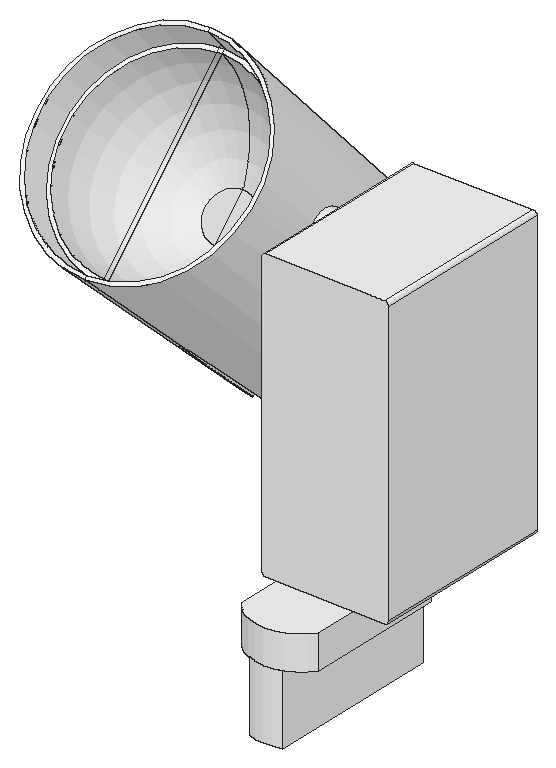
Revit family "0004926 Feilo Sylvania Lighting Fixture START TRACK SPOT S DALI 1928LM 930 WB WHT", category Lighting Fixtures, host Face, Revit 2017 (continued)
Definition of nested family "Start Track Spot Head"
  Types (96, lengths in mm): name | Wattage | built-in parameter 1150134 | Photometric Web File | Model | built-in parameter 1150105 | Lumens | built-in parameter 1150107 | built-in parameter 1150106 | HeadThickness_FEILO | HeadRibOffset_FEILO | HeadRibDepth_FEILO | HeadRibCutWidth_FEILO | HeadRibCutOffset_FEILO | HeadReflectorRadius_FEILO | HeadReflectorOffset_FEILO | HeadLEDRadius_FEILO | HeadHeight_FEILO | HeadDiffusorOffset_FEILO | HeadDiaOut_FEILO | HeadDiaIn_FEILO | HeadAxisFromTop_FEILO | Emit from Circle Diameter | built-in parameter 1150104 | Description | Apparent Load
    0004864 START TRACK SPOT S 24W 3K RA90 WB WHITE | 24 W | (empty or 0) | "0004864.ies" | "START TRACK SPOT S 24W 3K RA90 WB WHITE" | 152.79 (stored number, unit not read) | 1920 lm | 3000 (stored number, unit not read) | 1.5279 (stored number, unit not read) | 1.5 | 4.179 | 55.714 | 7.167 | 50.87 | 50.588 | 55.714 | 9.556 | 117 | 9.435 | 86 | 77.477 | 69.354 | 77.477 | 7.4322 (stored number, unit not read) | "Integrated LED spotlight, Textured White - RAL9016, compact and minimalist design, ideal for retail applications, die-cast aluminium body, passive cooling heatsink. Beam angle: 64°, color temperature: 3000K , total system power: 24W, total fixture output: 1928 lm, LOR: 100%, colour rendering: Ra: 90 typical, LED Chromaticity: 3 step MacAdam ellipse, lifetime: >50000 hours at L70B50, energy class: A++, A+, A, IR/UV free light source without heat radiation, operating voltage: 220-240V / 50-60Hz, drive current: 600mA, electronic driver, non-dimmable, power factor: 0.95, electrical protection: Class II, Global Track 3 Phase adapter suitable for Global trac 3-circuit tracks, ingress protection rating: IP20, suitable for internal environment only, horizontal rotation: 355°, vertical tilt: 90°, dimensions: Ø86x140x200, weight: 0.966kg." | 24 VA
    0004863 START TRACK SPOT S 24W 3K RA90 MB WHITE | 24 W | (empty or 0) | "0004863.ies" | "START TRACK SPOT S 24W 3K RA90 MB WHITE" | 154.7 (stored number, unit not read) | 1944 lm | 3000 (stored number, unit not read) | 1.547 (stored number, unit not read) | 1.5 | 4.179 | 55.714 | 7.167 | 50.87 | 50.588 | 55.714 | 9.556 | 117 | 9.435 | 86 | 77.477 | 69.354 | 77.477 | 7.5251 (stored number, unit not read) | "Integrated LED spotlight, Textured White - RAL9016, compact and minimalist design, ideal for retail applications, die-cast aluminium body, passive cooling heatsink. Beam angle: 36°, color temperature: 3000K , total system power: 24W, total fixture output: 1944 lm, LOR: 100%, colour rendering: Ra: 90 typical, LED Chromaticity: 3 step MacAdam ellipse, lifetime: >50000 hours at L70B50, energy class: A++, A+, A, IR/UV free light source without heat radiation, operating voltage: 220-240V / 50-60Hz, drive current: 600mA, electronic driver, non-dimmable, power factor: 0.95, electrical protection: Class II, Global Track 3 Phase adapter suitable for Global trac 3-circuit tracks, ingress protection rating: IP20, suitable for internal environment only, horizontal rotation: 355°, vertical tilt: 90°, dimensions: Ø86x140x200, weight: 0.966kg." | 24 VA
    0004862 START TRACK SPOT S 24W 3K RA90 NB WHITE | 24 W | (empty or 0) | "0004862.ies" | "START TRACK SPOT S 24W 3K RA90 NB WHITE" | 158.52 (stored number, unit not read) | 1992 lm | 3000 (stored number, unit not read) | 1.5852 (stored number, unit not read) | 1.5 | 4.179 | 55.714 | 7.167 | 50.87 | 50.588 | 55.714 | 9.556 | 117 | 9.435 | 86 | 77.477 | 69.354 | 77.477 | 7.711 (stored number, unit not read) | "Integrated LED spotlight, Textured White - RAL9016, compact and minimalist design, ideal for retail applications, die-cast aluminium body, passive cooling heatsink. Beam angle: 12°, color temperature: 3000K , total system power: 24W, total fixture output: 1987 lm, LOR: 100%, colour rendering: Ra: 90 typical, LED Chromaticity: 3 step MacAdam ellipse, lifetime: >50000 hours at L70B50, energy class: A++, A+, A, IR/UV free light source without heat radiation, operating voltage: 220-240V / 50-60Hz, drive current: 600mA, electronic driver, non-dimmable, power factor: 0.95, electrical protection: Class II, Global Track 3 Phase adapter suitable for Global trac 3-circuit tracks, ingress protection rating: IP20, suitable for internal environment only, horizontal rotation: 355°, vertical tilt: 90°, dimensions: Ø86x140x200, weight: 0.966kg." | 24 VA
    0004861 START TRACK SPOT S 14W 3K RA90 WB WHITE | 14 W | (empty or 0) | "0004861.ies" | "START TRACK SPOT S 14W 3K RA90 WB WHITE" | 100.27 (stored number, unit not read) | 1260 lm | 3000 (stored number, unit not read) | 1.0027 (stored number, unit not read) | 1.5 | 4.179 | 55.714 | 7.167 | 50.87 | 50.588 | 55.714 | 9.556 | 117 | 9.435 | 86 | 77.477 | 69.354 | 77.477 | 8.3613 (stored number, unit not read) | "Integrated LED spotlight, Textured White - RAL9016, compact and minimalist design, ideal for retail applications, die-cast aluminium body, passive cooling heatsink. Beam angle: 64°, color temperature: 3000K , total system power: 14W, total fixture output: 1262 lm, LOR: 100%, colour rendering: Ra: 90 typical, LED Chromaticity: 3 step MacAdam ellipse, lifetime: >50000 hours at L70B50, energy class: A++, A+, A, IR/UV free light source without heat radiation, operating voltage: 220-240V / 50-60Hz, drive current: 350mA, electronic driver, non-dimmable, power factor: 0.92, electrical protection: Class II, Global Track 3 Phase adapter suitable for Global trac 3-circuit tracks, ingress protection rating: IP20, suitable for internal environment only, horizontal rotation: 355°, vertical tilt: 90°, dimensions: Ø86x140x200, weight: 0.940kg." | 14 VA
    0004860 START TRACK SPOT S 14W 3K RA90 MB WHITE | 14 W | (empty or 0) | "0004860.ies" | "START TRACK SPOT S 14W 3K RA90 MB WHITE" | 100.27 (stored number, unit not read) | 1260 lm | 3000 (stored number, unit not read) | 1.0027 (stored number, unit not read) | 1.5 | 4.179 | 55.714 | 7.167 | 50.87 | 50.588 | 55.714 | 9.556 | 117 | 9.435 | 86 | 77.477 | 69.354 | 77.477 | 8.3613 (stored number, unit not read) | "Integrated LED spotlight, Textured White - RAL9016, compact and minimalist design, ideal for retail applications, die-cast aluminium body, passive cooling heatsink. Beam angle: 36°, color temperature: 3000K , total system power: 14W, total fixture output: 1262 lm, LOR: 100%, colour rendering: Ra: 90 typical, LED Chromaticity: 3 step MacAdam ellipse, lifetime: >50000 hours at L70B50, energy class: A++, A+, A, IR/UV free light source without heat radiation, operating voltage: 220-240V / 50-60Hz, drive current: 350mA, electronic driver, non-dimmable, power factor: 0.92, electrical protection: Class II, Global Track 3 Phase adapter suitable for Global trac 3-circuit tracks, ingress protection rating: IP20, suitable for internal environment only, horizontal rotation: 355°, vertical tilt: 90°, dimensions: Ø86x140x200, weight: 0.940kg." | 14 VA
    0004859 START TRACK SPOT S 14W 3K RA90 NB WHITE | 14 W | (empty or 0) | "0004859.ies" | "START TRACK SPOT S 14W 3K RA90 NB WHITE" | 102.5 (stored number, unit not read) | 1288 lm | 3000 (stored number, unit not read) | 1.025 (stored number, unit not read) | 1.5 | 4.179 | 55.714 | 7.167 | 50.87 | 50.588 | 55.714 | 9.556 | 117 | 9.435 | 86 | 77.477 | 69.354 | 77.477 | 8.5471 (stored number, unit not read) | "Integrated LED spotlight, Textured White - RAL9016, compact and minimalist design, ideal for retail applications, die-cast aluminium body, passive cooling heatsink. Beam angle: 12°, color temperature: 3000K , total system power: 14W, total fixture output: 1284 lm, LOR: 100%, colour rendering: Ra: 90 typical, LED Chromaticity: 3 step MacAdam ellipse, lifetime: >50000 hours at L70B50, energy class: A++, A+, A, IR/UV free light source without heat radiation, operating voltage: 220-240V / 50-60Hz, drive current: 350mA, electronic driver, non-dimmable, power factor: 0.92, electrical protection: Class II, Global Track 3 Phase adapter suitable for Global trac 3-circuit tracks, ingress protection rating: IP20, suitable for internal environment only, horizontal rotation: 355°, vertical tilt: 90°, dimensions: Ø86x140x200, weight: 0.940kg." | 14 VA
    0004858 START TRACK SPOT L 55W 4K RA80 WB BLACK | 55 W | 12 | "0004858.ies" | "START TRACK SPOT L 55W 4K RA80 WB BLACK" | 424.55 (stored number, unit not read) | 5335 lm | 4000 (stored number, unit not read) | 4.2455 (stored number, unit not read) | 2 | 4.429 | 59.048 | 9.417 | 53.913 | 66.471 | 59.048 | 12.556 | 124 | 10 | 113 | 101.802 | 73.503 | 101.802 | 9.0116 (stored number, unit not read) | "Integrated LED spotlight, Textured Black - RAL9005, compact and minimalist design, ideal for retail applications, die-cast aluminium body, passive cooling heatsink. Beam angle: 52°, color temperature: 4000K , total system power: 55W, total fixture output: 5320 lm, LOR: 100%, colour rendering: Ra: 80 typical, LED Chromaticity: 3 step MacAdam ellipse, lifetime: >50000 hours at L70B50, energy class: A++, A+, A, IR/UV free light source without heat radiation, operating voltage: 220-240V / 50-60Hz, drive current: 1400mA, electronic driver, non-dimmable, power factor: 0.96, electrical protection: Class II, Global Track 3 Phase adapter suitable for Global trac 3-circuit tracks, ingress protection rating: IP20, suitable for internal environment only, horizontal rotation: 355°, vertical tilt: 90°, dimensions: Ø113x164x240, weight: 1.398kg." | 55 VA
    0004857 START TRACK SPOT L 55W 4K RA80 MB BLACK | 55 W | 12 | "0004857.ies" | "START TRACK SPOT L 55W 4K RA80 MB BLACK" | 428.92 (stored number, unit not read) | 5390 lm | 4000 (stored number, unit not read) | 4.2892 (stored number, unit not read) | 2 | 4.429 | 59.048 | 9.417 | 53.913 | 66.471 | 59.048 | 12.556 | 124 | 10 | 113 | 101.802 | 73.503 | 101.802 | 9.1045 (stored number, unit not read) | "Integrated LED spotlight, Textured Black - RAL9005, compact and minimalist design, ideal for retail applications, die-cast aluminium body, passive cooling heatsink. Beam angle: 38°, color temperature: 4000K , total system power: 55W, total fixture output: 5378 lm, LOR: 100%, colour rendering: Ra: 80 typical, LED Chromaticity: 3 step MacAdam ellipse, lifetime: >50000 hours at L70B50, energy class: A++, A+, A, IR/UV free light source without heat radiation, operating voltage: 220-240V / 50-60Hz, drive current: 1400mA, electronic driver, non-dimmable, power factor: 0.96, electrical protection: Class II, Global Track 3 Phase adapter suitable for Global trac 3-circuit tracks, ingress protection rating: IP20, suitable for internal environment only, horizontal rotation: 355°, vertical tilt: 90°, dimensions: Ø113x164x240, weight: 1.398kg." | 55 VA
    0004856 START TRACK SPOT L 55W 4K RA80 NB BLACK | 55 W | 12 | "0004856.ies" | "START TRACK SPOT L 55W 4K RA80 NB BLACK" | 433.3 (stored number, unit not read) | 5445 lm | 4000 (stored number, unit not read) | 4.333 (stored number, unit not read) | 2 | 4.429 | 59.048 | 9.417 | 53.913 | 66.471 | 59.048 | 12.556 | 124 | 10 | 113 | 101.802 | 73.503 | 101.802 | 9.1974 (stored number, unit not read) | "Integrated LED spotlight, Textured Black - RAL9005, compact and minimalist design, ideal for retail applications, die-cast aluminium body, passive cooling heatsink. Beam angle: 15°, color temperature: 4000K , total system power: 55W, total fixture output: 5426 lm, LOR: 100%, colour rendering: Ra: 80 typical, LED Chromaticity: 3 step MacAdam ellipse, lifetime: >50000 hours at L70B50, energy class: A++, A+, A, IR/UV free light source without heat radiation, operating voltage: 220-240V / 50-60Hz, drive current: 1400mA, electronic driver, non-dimmable, power factor: 0.96, electrical protection: Class II, Global Track 3 Phase adapter suitable for Global trac 3-circuit tracks, ingress protection rating: IP20, suitable for internal environment only, horizontal rotation: 355°, vertical tilt: 90°, dimensions: Ø113x164x240, weight: 1.398kg." | 55 VA
    0004855 START TRACK SPOT L 35W 4K RA80 WB BLACK | 35 W | 12 | "0004855.ies" | "START TRACK SPOT L 35W 4K RA80 WB BLACK" | 320.3 (stored number, unit not read) | 4025 lm | 4000 (stored number, unit not read) | 3.203 (stored number, unit not read) | 2 | 4.429 | 59.048 | 9.417 | 53.913 | 66.471 | 59.048 | 12.556 | 124 | 10 | 113 | 101.802 | 73.503 | 101.802 | 10.684 (stored number, unit not read) | "Integrated LED spotlight, Textured Black - RAL9005, compact and minimalist design, ideal for retail applications, die-cast aluminium body, passive cooling heatsink. Beam angle: 52°, color temperature: 4000K , total system power: 35W, total fixture output: 4010 lm, LOR: 100%, colour rendering: Ra: 80 typical, LED Chromaticity: 3 step MacAdam ellipse, lifetime: >50000 hours at L70B50, energy class: A++, A+, A, IR/UV free light source without heat radiation, operating voltage: 220-240V / 50-60Hz, drive current: 900mA, electronic driver, non-dimmable, power factor: 0.93, electrical protection: Class II, Global Track 3 Phase adapter suitable for Global trac 3-circuit tracks, ingress protection rating: IP20, suitable for internal environment only, horizontal rotation: 355°, vertical tilt: 90°, dimensions: Ø113x164x240, weight: 1.368kg." | 35 VA
    0004854 START TRACK SPOT L 35W 4K RA80 MB BLACK | 35 W | 12 | "0004854.ies" | "START TRACK SPOT L 35W 4K RA80 MB BLACK" | 320.3 (stored number, unit not read) | 4025 lm | 4000 (stored number, unit not read) | 3.203 (stored number, unit not read) | 2 | 4.429 | 59.048 | 9.417 | 53.913 | 66.471 | 59.048 | 12.556 | 124 | 10 | 113 | 101.802 | 73.503 | 101.802 | 10.684 (stored number, unit not read) | "Integrated LED spotlight, Textured Black - RAL9005, compact and minimalist design, ideal for retail applications, die-cast aluminium body, passive cooling heatsink. Beam angle: 38°, color temperature: 4000K , total system power: 35W, total fixture output: 4017 lm, LOR: 100%, colour rendering: Ra: 80 typical, LED Chromaticity: 3 step MacAdam ellipse, lifetime: >50000 hours at L70B50, energy class: A++, A+, A, IR/UV free light source without heat radiation, operating voltage: 220-240V / 50-60Hz, drive current: 900mA, electronic driver, non-dimmable, power factor: 0.93, electrical protection: Class II, Global Track 3 Phase adapter suitable for Global trac 3-circuit tracks, ingress protection rating: IP20, suitable for internal environment only, horizontal rotation: 355°, vertical tilt: 90°, dimensions: Ø113x164x240, weight: 1.368kg." | 35 VA
    0004853 START TRACK SPOT L 35W 4K RA80 NB BLACK | 35 W | 12 | "0004853.ies" | "START TRACK SPOT L 35W 4K RA80 NB BLACK" | 331.44 (stored number, unit not read) | 4165 lm | 4000 (stored number, unit not read) | 3.3144 (stored number, unit not read) | 2 | 4.429 | 59.048 | 9.417 | 53.913 | 66.471 | 59.048 | 12.556 | 124 | 10 | 113 | 101.802 | 73.503 | 101.802 | 11.055 (stored number, unit not read) | "Integrated LED spotlight, Textured Black - RAL9005, compact and minimalist design, ideal for retail applications, die-cast aluminium body, passive cooling heatsink. Beam angle: 15°, color temperature: 4000K , total system power: 35W, total fixture output: 4174 lm, LOR: 100%, colour rendering: Ra: 80 typical, LED Chromaticity: 3 step MacAdam ellipse, lifetime: >50000 hours at L70B50, energy class: A++, A+, A, IR/UV free light source without heat radiation, operating voltage: 220-240V / 50-60Hz, drive current: 900mA, electronic driver, non-dimmable, power factor: 0.93, electrical protection: Class II, Global Track 3 Phase adapter suitable for Global trac 3-circuit tracks, ingress protection rating: IP20, suitable for internal environment only, horizontal rotation: 355°, vertical tilt: 90°, dimensions: Ø113x164x240, weight: 1.368kg." | 35 VA
    0004852 START TRACK SPOT S 24W 4K RA80 WB BLACK | 24 W | 12 | "0004852.ies" | "START TRACK SPOT S 24W 4K RA80 WB BLACK" | 196.72 (stored number, unit not read) | 2472 lm | 4000 (stored number, unit not read) | 1.9672 (stored number, unit not read) | 1.5 | 4.179 | 55.714 | 7.167 | 50.87 | 50.588 | 55.714 | 9.556 | 117 | 9.435 | 86 | 77.477 | 69.354 | 77.477 | 9.569 (stored number, unit not read) | "Integrated LED spotlight, Textured Black - RAL9005, compact and minimalist design, ideal for retail applications, die-cast aluminium body, passive cooling heatsink. Beam angle: 64°, color temperature: 4000K , total system power: 24W, total fixture output: 2476 lm, LOR: 100%, colour rendering: Ra: 80 typical, LED Chromaticity: 3 step MacAdam ellipse, lifetime: >50000 hours at L70B50, energy class: A++, A+, A, IR/UV free light source without heat radiation, operating voltage: 220-240V / 50-60Hz, drive current: 600mA, electronic driver, non-dimmable, power factor: 0.95, electrical protection: Class II, Global Track 3 Phase adapter suitable for Global trac 3-circuit tracks, ingress protection rating: IP20, suitable for internal environment only, horizontal rotation: 355°, vertical tilt: 90°, dimensions: Ø86x140x200, weight: 0.966kg." | 24 VA
    0004851 START TRACK SPOT S 24W 4K RA80 MB BLACK | 24 W | 12 | "0004851.ies" | "START TRACK SPOT S 24W 4K RA80 MB BLACK" | 198.63 (stored number, unit not read) | 2496 lm | 4000 (stored number, unit not read) | 1.9863 (stored number, unit not read) | 1.5 | 4.179 | 55.714 | 7.167 | 50.87 | 50.588 | 55.714 | 9.556 | 117 | 9.435 | 86 | 77.477 | 69.354 | 77.477 | 9.6619 (stored number, unit not read) | "Integrated LED spotlight, Textured Black - RAL9005, compact and minimalist design, ideal for retail applications, die-cast aluminium body, passive cooling heatsink. Beam angle: 36°, color temperature: 4000K , total system power: 24W, total fixture output: 2487 lm, LOR: 100%, colour rendering: Ra: 80 typical, LED Chromaticity: 3 step MacAdam ellipse, lifetime: >50000 hours at L70B50, energy class: A++, A+, A, IR/UV free light source without heat radiation, operating voltage: 220-240V / 50-60Hz, drive current: 600mA, electronic driver, non-dimmable, power factor: 0.95, electrical protection: Class II, Global Track 3 Phase adapter suitable for Global trac 3-circuit tracks, ingress protection rating: IP20, suitable for internal environment only, horizontal rotation: 355°, vertical tilt: 90°, dimensions: Ø86x140x200, weight: 0.966kg." | 24 VA
    0004850 START TRACK SPOT S 24W 4K RA80 NB BLACK | 24 W | 12 | "0004850.ies" | "START TRACK SPOT S 24W 4K RA80 NB BLACK" | 200.54 (stored number, unit not read) | 2520 lm | 4000 (stored number, unit not read) | 2.0054 (stored number, unit not read) | 1.5 | 4.179 | 55.714 | 7.167 | 50.87 | 50.588 | 55.714 | 9.556 | 117 | 9.435 | 86 | 77.477 | 69.354 | 77.477 | 9.7548 (stored number, unit not read) | "Integrated LED spotlight, Textured Black - RAL9005, compact and minimalist design, ideal for retail applications, die-cast aluminium body, passive cooling heatsink. Beam angle: 12°, color temperature: 4000K , total system power: 24W, total fixture output: 2529 lm, LOR: 100%, colour rendering: Ra: 80 typical, LED Chromaticity: 3 step MacAdam ellipse, lifetime: >50000 hours at L70B50, energy class: A++, A+, A, IR/UV free light source without heat radiation, operating voltage: 220-240V / 50-60Hz, drive current: 600mA, electronic driver, non-dimmable, power factor: 0.95, electrical protection: Class II, Global Track 3 Phase adapter suitable for Global trac 3-circuit tracks, ingress protection rating: IP20, suitable for internal environment only, horizontal rotation: 355°, vertical tilt: 90°, dimensions: Ø86x140x200, weight: 0.966kg." | 24 VA
    0004849 START TRACK SPOT S 14W 4K RA80 WB BLACK | 14 W | 12 | "0004849.ies" | "START TRACK SPOT S 14W 4K RA80 WB BLACK" | 123.66 (stored number, unit not read) | 1554 lm | 4000 (stored number, unit not read) | 1.2366 (stored number, unit not read) | 1.5 | 4.179 | 55.714 | 7.167 | 50.87 | 50.588 | 55.714 | 9.556 | 117 | 9.435 | 86 | 77.477 | 69.354 | 77.477 | 10.312 (stored number, unit not read) | "Integrated LED spotlight, Textured Black - RAL9005, compact and minimalist design, ideal for retail applications, die-cast aluminium body, passive cooling heatsink. Beam angle: 64°, color temperature: 4000K , total system power: 14W, total fixture output: 1558 lm, LOR: 100%, colour rendering: Ra: 80 typical, LED Chromaticity: 3 step MacAdam ellipse, lifetime: >50000 hours at L70B50, energy class: A++, A+, A, IR/UV free light source without heat radiation, operating voltage: 220-240V / 50-60Hz, drive current: 350mA, electronic driver, non-dimmable, power factor: 0.92, electrical protection: Class II, Global Track 3 Phase adapter suitable for Global trac 3-circuit tracks, ingress protection rating: IP20, suitable for internal environment only, horizontal rotation: 355°, vertical tilt: 90°, dimensions: Ø86x140x200, weight: 0.940kg." | 14 VA
    0004848 START TRACK SPOT S 14W 4K RA80 MB BLACK | 14 W | 12 | "0004848.ies" | "START TRACK SPOT S 14W 4K RA80 MB BLACK" | 127.01 (stored number, unit not read) | 1596 lm | 4000 (stored number, unit not read) | 1.2701 (stored number, unit not read) | 1.5 | 4.179 | 55.714 | 7.167 | 50.87 | 50.588 | 55.714 | 9.556 | 117 | 9.435 | 86 | 77.477 | 69.354 | 77.477 | 10.591 (stored number, unit not read) | "Integrated LED spotlight, Textured Black - RAL9005, compact and minimalist design, ideal for retail applications, die-cast aluminium body, passive cooling heatsink. Beam angle: 36°, color temperature: 4000K , total system power: 14W, total fixture output: 1598 lm, LOR: 100%, colour rendering: Ra: 80 typical, LED Chromaticity: 3 step MacAdam ellipse, lifetime: >50000 hours at L70B50, energy class: A++, A+, A, IR/UV free light source without heat radiation, operating voltage: 220-240V / 50-60Hz, drive current: 350mA, electronic driver, non-dimmable, power factor: 0.92, electrical protection: Class II, Global Track 3 Phase adapter suitable for Global trac 3-circuit tracks, ingress protection rating: IP20, suitable for internal environment only, horizontal rotation: 355°, vertical tilt: 90°, dimensions: Ø86x140x200, weight: 0.940kg." | 14 VA
    0004847 START TRACK SPOT S 14W 4K RA80 NB BLACK | 14 W | 12 | "0004847.ies" | "START TRACK SPOT S 14W 4K RA80 NB BLACK" | 128.12 (stored number, unit not read) | 1610 lm | 4000 (stored number, unit not read) | 1.2812 (stored number, unit not read) | 1.5 | 4.179 | 55.714 | 7.167 | 50.87 | 50.588 | 55.714 | 9.556 | 117 | 9.435 | 86 | 77.477 | 69.354 | 77.477 | 10.684 (stored number, unit not read) | "Integrated LED spotlight, Textured Black - RAL9005, compact and minimalist design, ideal for retail applications, die-cast aluminium body, passive cooling heatsink. Beam angle: 12°, color temperature: 4000K , total system power: 14W, total fixture output: 1608 lm, LOR: 100%, colour rendering: Ra: 80 typical, LED Chromaticity: 3 step MacAdam ellipse, lifetime: >50000 hours at L70B50, energy class: A++, A+, A, IR/UV free light source without heat radiation, operating voltage: 220-240V / 50-60Hz, drive current: 350mA, electronic driver, non-dimmable, power factor: 0.92, electrical protection: Class II, Global Track 3 Phase adapter suitable for Global trac 3-circuit tracks, ingress protection rating: IP20, suitable for internal environment only, horizontal rotation: 355°, vertical tilt: 90°, dimensions: Ø86x140x200, weight: 0.940kg." | 14 VA
    0004846 START TRACK SPOT L 55W 3K RA80 WB BLACK | 55 W | (empty or 0) | "0004846.ies" | "START TRACK SPOT L 55W 3K RA80 WB BLACK" | 420.17 (stored number, unit not read) | 5280 lm | 3000 (stored number, unit not read) | 4.2017 (stored number, unit not read) | 2 | 4.429 | 59.048 | 9.417 | 53.913 | 66.471 | 59.048 | 12.556 | 124 | 10 | 113 | 101.802 | 73.503 | 101.802 | 8.9187 (stored number, unit not read) | "Integrated LED spotlight, Textured Black - RAL9005, compact and minimalist design, ideal for retail applications, die-cast aluminium body, passive cooling heatsink. Beam angle: 52°, color temperature: 3000K , total system power: 55W, total fixture output: 5298 lm, LOR: 100%, colour rendering: Ra: 80 typical, LED Chromaticity: 3 step MacAdam ellipse, lifetime: >50000 hours at L70B50, energy class: A++, A+, A, IR/UV free light source without heat radiation, operating voltage: 220-240V / 50-60Hz, drive current: 1400mA, electronic driver, non-dimmable, power factor: 0.96, electrical protection: Class II, Global Track 3 Phase adapter suitable for Global trac 3-circuit tracks, ingress protection rating: IP20, suitable for internal environment only, horizontal rotation: 355°, vertical tilt: 90°, dimensions: Ø113x164x240, weight: 1.398kg." | 55 VA
    0004845 START TRACK SPOT L 55W 3K RA80 MB BLACK | 55 W | (empty or 0) | "0004845.ies" | "START TRACK SPOT L 55W 3K RA80 MB BLACK" | 428.92 (stored number, unit not read) | 5390 lm | 3000 (stored number, unit not read) | 4.2892 (stored number, unit not read) | 2 | 4.429 | 59.048 | 9.417 | 53.913 | 66.471 | 59.048 | 12.556 | 124 | 10 | 113 | 101.802 | 73.503 | 101.802 | 9.1045 (stored number, unit not read) | "Integrated LED spotlight, Textured Black - RAL9005, compact and minimalist design, ideal for retail applications, die-cast aluminium body, passive cooling heatsink. Beam angle: 38°, color temperature: 3000K , total system power: 55W, total fixture output: 5381 lm, LOR: 100%, colour rendering: Ra: 80 typical, LED Chromaticity: 3 step MacAdam ellipse, lifetime: >50000 hours at L70B50, energy class: A++, A+, A, IR/UV free light source without heat radiation, operating voltage: 220-240V / 50-60Hz, drive current: 1400mA, electronic driver, non-dimmable, power factor: 0.96, electrical protection: Class II, Global Track 3 Phase adapter suitable for Global trac 3-circuit tracks, ingress protection rating: IP20, suitable for internal environment only, horizontal rotation: 355°, vertical tilt: 90°, dimensions: Ø113x164x240, weight: 1.398kg." | 55 VA
    0004844 START TRACK SPOT L 55W 3K RA80 NB BLACK | 55 W | (empty or 0) | "0004844.ies" | "START TRACK SPOT L 55W 3K RA80 NB BLACK" | 433.3 (stored number, unit not read) | 5445 lm | 3000 (stored number, unit not read) | 4.333 (stored number, unit not read) | 2 | 4.429 | 59.048 | 9.417 | 53.913 | 66.471 | 59.048 | 12.556 | 124 | 10 | 113 | 101.802 | 73.503 | 101.802 | 9.1974 (stored number, unit not read) | "Integrated LED spotlight, Textured Black - RAL9005, compact and minimalist design, ideal for retail applications, die-cast aluminium body, passive cooling heatsink. Beam angle: 15°, color temperature: 3000K , total system power: 55W, total fixture output: 5449 lm, LOR: 100%, colour rendering: Ra: 80 typical, LED Chromaticity: 3 step MacAdam ellipse, lifetime: >50000 hours at L70B50, energy class: A++, A+, A, IR/UV free light source without heat radiation, operating voltage: 220-240V / 50-60Hz, drive current: 1400mA, electronic driver, non-dimmable, power factor: 0.96, electrical protection: Class II, Global Track 3 Phase adapter suitable for Global trac 3-circuit tracks, ingress protection rating: IP20, suitable for internal environment only, horizontal rotation: 355°, vertical tilt: 90°, dimensions: Ø113x164x240, weight: 1.398kg." | 55 VA
    0004843 START TRACK SPOT L 35W 3K RA80 WB BLACK | 35 W | (empty or 0) | "0004843.ies" | "START TRACK SPOT L 35W 3K RA80 WB BLACK" | 314.73 (stored number, unit not read) | 3955 lm | 3000 (stored number, unit not read) | 3.1473 (stored number, unit not read) | 2 | 4.429 | 59.048 | 9.417 | 53.913 | 66.471 | 59.048 | 12.556 | 124 | 10 | 113 | 101.802 | 73.503 | 101.802 | 10.498 (stored number, unit not read) | "Integrated LED spotlight, Textured Black - RAL9005, compact and minimalist design, ideal for retail applications, die-cast aluminium body, passive cooling heatsink. Beam angle: 52°, color temperature: 3000K , total system power: 35W, total fixture output: 3943 lm, LOR: 100%, colour rendering: Ra: 80 typical, LED Chromaticity: 3 step MacAdam ellipse, lifetime: >50000 hours at L70B50, energy class: A++, A+, A, IR/UV free light source without heat radiation, operating voltage: 220-240V / 50-60Hz, drive current: 900mA, electronic driver, non-dimmable, power factor: 0.93, electrical protection: Class II, Global Track 3 Phase adapter suitable for Global trac 3-circuit tracks, ingress protection rating: IP20, suitable for internal environment only, horizontal rotation: 355°, vertical tilt: 90°, dimensions: Ø113x164x240, weight: 1.368kg." | 35 VA
    0004842 START TRACK SPOT L 35W 3K RA80 MB BLACK | 35 W | (empty or 0) | "0004842.ies" | "START TRACK SPOT L 35W 3K RA80 MB BLACK" | 320.3 (stored number, unit not read) | 4025 lm | 3000 (stored number, unit not read) | 3.203 (stored number, unit not read) | 2 | 4.429 | 59.048 | 9.417 | 53.913 | 66.471 | 59.048 | 12.556 | 124 | 10 | 113 | 101.802 | 73.503 | 101.802 | 10.684 (stored number, unit not read) | "Integrated LED spotlight, Textured Black - RAL9005, compact and minimalist design, ideal for retail applications, die-cast aluminium body, passive cooling heatsink. Beam angle: 38°, color temperature: 3000K , total system power: 35W, total fixture output: 4008 lm, LOR: 100%, colour rendering: Ra: 80 typical, LED Chromaticity: 3 step MacAdam ellipse, lifetime: >50000 hours at L70B50, energy class: A++, A+, A, IR/UV free light source without heat radiation, operating voltage: 220-240V / 50-60Hz, drive current: 900mA, electronic driver, non-dimmable, power factor: 0.93, electrical protection: Class II, Global Track 3 Phase adapter suitable for Global trac 3-circuit tracks, ingress protection rating: IP20, suitable for internal environment only, horizontal rotation: 355°, vertical tilt: 90°, dimensions: Ø113x164x240, weight: 1.368kg." | 35 VA
    0004841 START TRACK SPOT L 35W 3K RA80 NB BLACK | 35 W | (empty or 0) | "0004841.ies" | "START TRACK SPOT L 35W 3K RA80 NB BLACK" | 317.51 (stored number, unit not read) | 3990 lm | 3000 (stored number, unit not read) | 3.1751 (stored number, unit not read) | 2 | 4.429 | 59.048 | 9.417 | 53.913 | 66.471 | 59.048 | 12.556 | 124 | 10 | 113 | 101.802 | 73.503 | 101.802 | 10.591 (stored number, unit not read) | "Integrated LED spotlight, Textured Black - RAL9005, compact and minimalist design, ideal for retail applications, die-cast aluminium body, passive cooling heatsink. Beam angle: 15°, color temperature: 3000K , total system power: 35W, total fixture output: 4005 lm, LOR: 100%, colour rendering: Ra: 80 typical, LED Chromaticity: 3 step MacAdam ellipse, lifetime: >50000 hours at L70B50, energy class: A++, A+, A, IR/UV free light source without heat radiation, operating voltage: 220-240V / 50-60Hz, drive current: 900mA, electronic driver, non-dimmable, power factor: 0.93, electrical protection: Class II, Global Track 3 Phase adapter suitable for Global trac 3-circuit tracks, ingress protection rating: IP20, suitable for internal environment only, horizontal rotation: 355°, vertical tilt: 90°, dimensions: Ø113x164x240, weight: 1.368kg." | 35 VA
    0004840 START TRACK SPOT S 24W 3K RA80 WB BLACK | 24 W | (empty or 0) | "0004840.ies" | "START TRACK SPOT S 24W 3K RA80 WB BLACK" | 185.26 (stored number, unit not read) | 2328 lm | 3000 (stored number, unit not read) | 1.8526 (stored number, unit not read) | 1.5 | 4.179 | 55.714 | 7.167 | 50.87 | 50.588 | 55.714 | 9.556 | 117 | 9.435 | 86 | 77.477 | 69.354 | 77.477 | 9.0116 (stored number, unit not read) | "Integrated LED spotlight, Textured Black - RAL9005, compact and minimalist design, ideal for retail applications, die-cast aluminium body, passive cooling heatsink. Beam angle: 64°, color temperature: 3000K , total system power: 24W, total fixture output: 2318 lm, LOR: 100%, colour rendering: Ra: 80 typical, LED Chromaticity: 3 step MacAdam ellipse, lifetime: >50000 hours at L70B50, energy class: A++, A+, A, IR/UV free light source without heat radiation, operating voltage: 220-240V / 50-60Hz, drive current: 600mA, electronic driver, non-dimmable, power factor: 0.95, electrical protection: Class II, Global Track 3 Phase adapter suitable for Global trac 3-circuit tracks, ingress protection rating: IP20, suitable for internal environment only, horizontal rotation: 355°, vertical tilt: 90°, dimensions: Ø86x140x200, weight: 0.966kg." | 24 VA
    0004839 START TRACK SPOT S 24W 3K RA80 MB BLACK | 24 W | (empty or 0) | "0004839.ies" | "START TRACK SPOT S 24W 3K RA80 MB BLACK" | 183.35 (stored number, unit not read) | 2304 lm | 3000 (stored number, unit not read) | 1.8335 (stored number, unit not read) | 1.5 | 4.179 | 55.714 | 7.167 | 50.87 | 50.588 | 55.714 | 9.556 | 117 | 9.435 | 86 | 77.477 | 69.354 | 77.477 | 8.9187 (stored number, unit not read) | "Integrated LED spotlight, Textured Black - RAL9005, compact and minimalist design, ideal for retail applications, die-cast aluminium body, passive cooling heatsink. Beam angle: 36°, color temperature: 3000K , total system power: 24W, total fixture output: 2314 lm, LOR: 100%, colour rendering: Ra: 80 typical, LED Chromaticity: 3 step MacAdam ellipse, lifetime: >50000 hours at L70B50, energy class: A++, A+, A, IR/UV free light source without heat radiation, operating voltage: 220-240V / 50-60Hz, drive current: 600mA, electronic driver, non-dimmable, power factor: 0.95, electrical protection: Class II, Global Track 3 Phase adapter suitable for Global trac 3-circuit tracks, ingress protection rating: IP20, suitable for internal environment only, horizontal rotation: 355°, vertical tilt: 90°, dimensions: Ø86x140x200, weight: 0.966kg." | 24 VA
    0004838 START TRACK SPOT S 24W 3K RA80 NB BLACK | 24 W | (empty or 0) | "0004838.ies" | "START TRACK SPOT S 24W 3K RA80 NB BLACK" | 185.26 (stored number, unit not read) | 2328 lm | 3000 (stored number, unit not read) | 1.8526 (stored number, unit not read) | 1.5 | 4.179 | 55.714 | 7.167 | 50.87 | 50.588 | 55.714 | 9.556 | 117 | 9.435 | 86 | 77.477 | 69.354 | 77.477 | 9.0116 (stored number, unit not read) | "Integrated LED spotlight, Textured Black - RAL9005, compact and minimalist design, ideal for retail applications, die-cast aluminium body, passive cooling heatsink. Beam angle: 12°, color temperature: 3000K , total system power: 24W, total fixture output: 2334 lm, LOR: 100%, colour rendering: Ra: 80 typical, LED Chromaticity: 3 step MacAdam ellipse, lifetime: >50000 hours at L70B50, energy class: A++, A+, A, IR/UV free light source without heat radiation, operating voltage: 220-240V / 50-60Hz, drive current: 600mA, electronic driver, non-dimmable, power factor: 0.95, electrical protection: Class II, Global Track 3 Phase adapter suitable for Global trac 3-circuit tracks, ingress protection rating: IP20, suitable for internal environment only, horizontal rotation: 355°, vertical tilt: 90°, dimensions: Ø86x140x200, weight: 0.966kg." | 24 VA
    0004837 START TRACK SPOT S 14W 3K RA80 WB BLACK | 14 W | (empty or 0) | "0004837.ies" | "START TRACK SPOT S 14W 3K RA80 WB BLACK" | 119.21 (stored number, unit not read) | 1498 lm | 3000 (stored number, unit not read) | 1.1921 (stored number, unit not read) | 1.5 | 4.179 | 55.714 | 7.167 | 50.87 | 50.588 | 55.714 | 9.556 | 117 | 9.435 | 86 | 77.477 | 69.354 | 77.477 | 9.9406 (stored number, unit not read) | "Integrated LED spotlight, Textured Black - RAL9005, compact and minimalist design, ideal for retail applications, die-cast aluminium body, passive cooling heatsink. Beam angle: 64°, color temperature: 3000K , total system power: 14W, total fixture output: 1498 lm, LOR: 100%, colour rendering: Ra: 80 typical, LED Chromaticity: 3 step MacAdam ellipse, lifetime: >50000 hours at L70B50, energy class: A++, A+, A, IR/UV free light source without heat radiation, operating voltage: 220-240V / 50-60Hz, drive current: 350mA, electronic driver, non-dimmable, power factor: 0.92, electrical protection: Class II, Global Track 3 Phase adapter suitable for Global trac 3-circuit tracks, ingress protection rating: IP20, suitable for internal environment only, horizontal rotation: 355°, vertical tilt: 90°, dimensions: Ø86x140x200, weight: 0.940kg." | 14 VA
    0004836 START TRACK SPOT S 14W 3K RA80 MB BLACK | 14 W | (empty or 0) | "0004836.ies" | "START TRACK SPOT S 14W 3K RA80 MB BLACK" | 120.32 (stored number, unit not read) | 1512 lm | 3000 (stored number, unit not read) | 1.2032 (stored number, unit not read) | 1.5 | 4.179 | 55.714 | 7.167 | 50.87 | 50.588 | 55.714 | 9.556 | 117 | 9.435 | 86 | 77.477 | 69.354 | 77.477 | 10.034 (stored number, unit not read) | "Integrated LED spotlight, Textured Black - RAL9005, compact and minimalist design, ideal for retail applications, die-cast aluminium body, passive cooling heatsink. Beam angle: 36°, color temperature: 3000K , total system power: 14W, total fixture output: 1508 lm, LOR: 100%, colour rendering: Ra: 80 typical, LED Chromaticity: 3 step MacAdam ellipse, lifetime: >50000 hours at L70B50, energy class: A++, A+, A, IR/UV free light source without heat radiation, operating voltage: 220-240V / 50-60Hz, drive current: 350mA, electronic driver, non-dimmable, power factor: 0.92, electrical protection: Class II, Global Track 3 Phase adapter suitable for Global trac 3-circuit tracks, ingress protection rating: IP20, suitable for internal environment only, horizontal rotation: 355°, vertical tilt: 90°, dimensions: Ø86x140x200, weight: 0.940kg." | 14 VA
    0004835 START TRACK SPOT S 14W 3K RA80 NB BLACK | 14 W | (empty or 0) | "0004835.ies" | "START TRACK SPOT S 14W 3K RA80 NB BLACK" | 123.66 (stored number, unit not read) | 1554 lm | 3000 (stored number, unit not read) | 1.2366 (stored number, unit not read) | 1.5 | 4.179 | 55.714 | 7.167 | 50.87 | 50.588 | 55.714 | 9.556 | 117 | 9.435 | 86 | 77.477 | 69.354 | 77.477 | 10.312 (stored number, unit not read) | "Integrated LED spotlight, Textured Black - RAL9005, compact and minimalist design, ideal for retail applications, die-cast aluminium body, passive cooling heatsink. Beam angle: 12°, color temperature: 3000K , total system power: 14W, total fixture output: 1551 lm, LOR: 100%, colour rendering: Ra: 80 typical, LED Chromaticity: 3 step MacAdam ellipse, lifetime: >50000 hours at L70B50, energy class: A++, A+, A, IR/UV free light source without heat radiation, operating voltage: 220-240V / 50-60Hz, drive current: 350mA, electronic driver, non-dimmable, power factor: 0.92, electrical protection: Class II, Global Track 3 Phase adapter suitable for Global trac 3-circuit tracks, ingress protection rating: IP20, suitable for internal environment only, horizontal rotation: 355°, vertical tilt: 90°, dimensions: Ø86x140x200, weight: 0.940kg." | 14 VA
    0004834 START TRACK SPOT L 55W 4K RA80 WB WHITE | 55 W | 12 | "0004834.ies" | "START TRACK SPOT L 55W 4K RA80 WB WHITE" | 424.55 (stored number, unit not read) | 5335 lm | 4000 (stored number, unit not read) | 4.2455 (stored number, unit not read) | 2 | 4.429 | 59.048 | 9.417 | 53.913 | 66.471 | 59.048 | 12.556 | 124 | 10 | 113 | 101.802 | 73.503 | 101.802 | 9.0116 (stored number, unit not read) | "Integrated LED spotlight, Textured White - RAL9016, compact and minimalist design, ideal for retail applications, die-cast aluminium body, passive cooling heatsink. Beam angle: 52°, color temperature: 4000K , total system power: 55W, total fixture output: 5320 lm, LOR: 100%, colour rendering: Ra: 80 typical, LED Chromaticity: 3 step MacAdam ellipse, lifetime: >50000 hours at L70B50, energy class: A++, A+, A, IR/UV free light source without heat radiation, operating voltage: 220-240V / 50-60Hz, drive current: 1400mA, electronic driver, non-dimmable, power factor: 0.96, electrical protection: Class II, Global Track 3 Phase adapter suitable for Global trac 3-circuit tracks, ingress protection rating: IP20, suitable for internal environment only, horizontal rotation: 355°, vertical tilt: 90°, dimensions: Ø113x164x240, weight: 1.398kg." | 55 VA
    0004833 START TRACK SPOT L 55W 4K RA80 MB WHITE | 55 W | 12 | "0004833.ies" | "START TRACK SPOT L 55W 4K RA80 MB WHITE" | 428.92 (stored number, unit not read) | 5390 lm | 4000 (stored number, unit not read) | 4.2892 (stored number, unit not read) | 2 | 4.429 | 59.048 | 9.417 | 53.913 | 66.471 | 59.048 | 12.556 | 124 | 10 | 113 | 101.802 | 73.503 | 101.802 | 9.1045 (stored number, unit not read) | "Integrated LED spotlight, Textured White - RAL9016, compact and minimalist design, ideal for retail applications, die-cast aluminium body, passive cooling heatsink. Beam angle: 38°, color temperature: 4000K , total system power: 55W, total fixture output: 5378 lm, LOR: 100%, colour rendering: Ra: 80 typical, LED Chromaticity: 3 step MacAdam ellipse, lifetime: >50000 hours at L70B50, energy class: A++, A+, A, IR/UV free light source without heat radiation, operating voltage: 220-240V / 50-60Hz, drive current: 1400mA, electronic driver, non-dimmable, power factor: 0.96, electrical protection: Class II, Global Track 3 Phase adapter suitable for Global trac 3-circuit tracks, ingress protection rating: IP20, suitable for internal environment only, horizontal rotation: 355°, vertical tilt: 90°, dimensions: Ø113x164x240, weight: 1.398kg." | 55 VA
    0004832 START TRACK SPOT L 55W 4K RA80 NB WHITE | 55 W | 12 | "0004832.ies" | "START TRACK SPOT L 55W 4K RA80 NB WHITE" | 433.3 (stored number, unit not read) | 5445 lm | 4000 (stored number, unit not read) | 4.333 (stored number, unit not read) | 2 | 4.429 | 59.048 | 9.417 | 53.913 | 66.471 | 59.048 | 12.556 | 124 | 10 | 113 | 101.802 | 73.503 | 101.802 | 9.1974 (stored number, unit not read) | "Integrated LED spotlight, Textured White - RAL9016, compact and minimalist design, ideal for retail applications, die-cast aluminium body, passive cooling heatsink. Beam angle: 15°, color temperature: 4000K , total system power: 55W, total fixture output: 5426 lm, LOR: 100%, colour rendering: Ra: 80 typical, LED Chromaticity: 3 step MacAdam ellipse, lifetime: >50000 hours at L70B50, energy class: A++, A+, A, IR/UV free light source without heat radiation, operating voltage: 220-240V / 50-60Hz, drive current: 1400mA, electronic driver, non-dimmable, power factor: 0.96, electrical protection: Class II, Global Track 3 Phase adapter suitable for Global trac 3-circuit tracks, ingress protection rating: IP20, suitable for internal environment only, horizontal rotation: 355°, vertical tilt: 90°, dimensions: Ø113x164x240, weight: 1.398kg." | 55 VA
    0004831 START TRACK SPOT L 35W 4K RA80 WB WHITE | 35 W | 12 | "0004831.ies" | "START TRACK SPOT L 35W 4K RA80 WB WHITE" | 320.3 (stored number, unit not read) | 4025 lm | 4000 (stored number, unit not read) | 3.203 (stored number, unit not read) | 2 | 4.429 | 59.048 | 9.417 | 53.913 | 66.471 | 59.048 | 12.556 | 124 | 10 | 113 | 101.802 | 73.503 | 101.802 | 10.684 (stored number, unit not read) | "Integrated LED spotlight, Textured White - RAL9016, compact and minimalist design, ideal for retail applications, die-cast aluminium body, passive cooling heatsink. Beam angle: 52°, color temperature: 4000K , total system power: 35W, total fixture output: 4010 lm, LOR: 100%, colour rendering: Ra: 80 typical, LED Chromaticity: 3 step MacAdam ellipse, lifetime: >50000 hours at L70B50, energy class: A++, A+, A, IR/UV free light source without heat radiation, operating voltage: 220-240V / 50-60Hz, drive current: 900mA, electronic driver, non-dimmable, power factor: 0.93, electrical protection: Class II, Global Track 3 Phase adapter suitable for Global trac 3-circuit tracks, ingress protection rating: IP20, suitable for internal environment only, horizontal rotation: 355°, vertical tilt: 90°, dimensions: Ø113x164x240, weight: 1.368kg." | 35 VA
    0004830 START TRACK SPOT L 35W 4K RA80 MB WHITE | 35 W | 12 | "0004830.ies" | "START TRACK SPOT L 35W 4K RA80 MB WHITE" | 320.3 (stored number, unit not read) | 4025 lm | 4000 (stored number, unit not read) | 3.203 (stored number, unit not read) | 2 | 4.429 | 59.048 | 9.417 | 53.913 | 66.471 | 59.048 | 12.556 | 124 | 10 | 113 | 101.802 | 73.503 | 101.802 | 10.684 (stored number, unit not read) | "Integrated LED spotlight, Textured White - RAL9016, compact and minimalist design, ideal for retail applications, die-cast aluminium body, passive cooling heatsink. Beam angle: 38°, color temperature: 4000K , total system power: 35W, total fixture output: 4017 lm, LOR: 100%, colour rendering: Ra: 80 typical, LED Chromaticity: 3 step MacAdam ellipse, lifetime: >50000 hours at L70B50, energy class: A++, A+, A, IR/UV free light source without heat radiation, operating voltage: 220-240V / 50-60Hz, drive current: 900mA, electronic driver, non-dimmable, power factor: 0.93, electrical protection: Class II, Global Track 3 Phase adapter suitable for Global trac 3-circuit tracks, ingress protection rating: IP20, suitable for internal environment only, horizontal rotation: 355°, vertical tilt: 90°, dimensions: Ø113x164x240, weight: 1.368kg." | 35 VA
    0004829 START TRACK SPOT L 35W 4K RA80 NB WHITE | 35 W | 12 | "0004829.ies" | "START TRACK SPOT L 35W 4K RA80 NB WHITE" | 331.44 (stored number, unit not read) | 4165 lm | 4000 (stored number, unit not read) | 3.3144 (stored number, unit not read) | 2 | 4.429 | 59.048 | 9.417 | 53.913 | 66.471 | 59.048 | 12.556 | 124 | 10 | 113 | 101.802 | 73.503 | 101.802 | 11.055 (stored number, unit not read) | "Integrated LED spotlight, Textured White - RAL9016, compact and minimalist design, ideal for retail applications, die-cast aluminium body, passive cooling heatsink. Beam angle: 15°, color temperature: 4000K , total system power: 35W, total fixture output: 4174 lm, LOR: 100%, colour rendering: Ra: 80 typical, LED Chromaticity: 3 step MacAdam ellipse, lifetime: >50000 hours at L70B50, energy class: A++, A+, A, IR/UV free light source without heat radiation, operating voltage: 220-240V / 50-60Hz, drive current: 900mA, electronic driver, non-dimmable, power factor: 0.93, electrical protection: Class II, Global Track 3 Phase adapter suitable for Global trac 3-circuit tracks, ingress protection rating: IP20, suitable for internal environment only, horizontal rotation: 355°, vertical tilt: 90°, dimensions: Ø113x164x240, weight: 1.368kg." | 35 VA
    0004828 START TRACK SPOT S 24W 4K RA80 WB WHITE | 24 W | 12 | "0004828.ies" | "START TRACK SPOT S 24W 4K RA80 WB WHITE" | 196.72 (stored number, unit not read) | 2472 lm | 4000 (stored number, unit not read) | 1.9672 (stored number, unit not read) | 1.5 | 4.179 | 55.714 | 7.167 | 50.87 | 50.588 | 55.714 | 9.556 | 117 | 9.435 | 86 | 77.477 | 69.354 | 77.477 | 9.569 (stored number, unit not read) | "Integrated LED spotlight, Textured White - RAL9016, compact and minimalist design, ideal for retail applications, die-cast aluminium body, passive cooling heatsink. Beam angle: 64°, color temperature: 4000K , total system power: 24W, total fixture output: 2476 lm, LOR: 100%, colour rendering: Ra: 80 typical, LED Chromaticity: 3 step MacAdam ellipse, lifetime: >50000 hours at L70B50, energy class: A++, A+, A, IR/UV free light source without heat radiation, operating voltage: 220-240V / 50-60Hz, drive current: 600mA, electronic driver, non-dimmable, power factor: 0.95, electrical protection: Class II, Global Track 3 Phase adapter suitable for Global trac 3-circuit tracks, ingress protection rating: IP20, suitable for internal environment only, horizontal rotation: 355°, vertical tilt: 90°, dimensions: Ø86x140x200, weight: 0.966kg." | 24 VA
    0004827 START TRACK SPOT S 24W 4K RA80 MB WHITE | 24 W | 12 | "0004827.ies" | "START TRACK SPOT S 24W 4K RA80 MB WHITE" | 198.63 (stored number, unit not read) | 2496 lm | 4000 (stored number, unit not read) | 1.9863 (stored number, unit not read) | 1.5 | 4.179 | 55.714 | 7.167 | 50.87 | 50.588 | 55.714 | 9.556 | 117 | 9.435 | 86 | 77.477 | 69.354 | 77.477 | 9.6619 (stored number, unit not read) | "Integrated LED spotlight, Textured White - RAL9016, compact and minimalist design, ideal for retail applications, die-cast aluminium body, passive cooling heatsink. Beam angle: 36°, color temperature: 4000K , total system power: 24W, total fixture output: 2487 lm, LOR: 100%, colour rendering: Ra: 80 typical, LED Chromaticity: 3 step MacAdam ellipse, lifetime: >50000 hours at L70B50, energy class: A++, A+, A, IR/UV free light source without heat radiation, operating voltage: 220-240V / 50-60Hz, drive current: 600mA, electronic driver, non-dimmable, power factor: 0.95, electrical protection: Class II, Global Track 3 Phase adapter suitable for Global trac 3-circuit tracks, ingress protection rating: IP20, suitable for internal environment only, horizontal rotation: 355°, vertical tilt: 90°, dimensions: Ø86x140x200, weight: 0.966kg." | 24 VA
    0004826 START TRACK SPOT S 24W 4K RA80 NB WHITE | 24 W | 12 | "0004826.ies" | "START TRACK SPOT S 24W 4K RA80 NB WHITE" | 200.54 (stored number, unit not read) | 2520 lm | 4000 (stored number, unit not read) | 2.0054 (stored number, unit not read) | 1.5 | 4.179 | 55.714 | 7.167 | 50.87 | 50.588 | 55.714 | 9.556 | 117 | 9.435 | 86 | 77.477 | 69.354 | 77.477 | 9.7548 (stored number, unit not read) | "Integrated LED spotlight, Textured White - RAL9016, compact and minimalist design, ideal for retail applications, die-cast aluminium body, passive cooling heatsink. Beam angle: 12°, color temperature: 4000K , total system power: 24W, total fixture output: 2529 lm, LOR: 100%, colour rendering: Ra: 80 typical, LED Chromaticity: 3 step MacAdam ellipse, lifetime: >50000 hours at L70B50, energy class: A++, A+, A, IR/UV free light source without heat radiation, operating voltage: 220-240V / 50-60Hz, drive current: 600mA, electronic driver, non-dimmable, power factor: 0.95, electrical protection: Class II, Global Track 3 Phase adapter suitable for Global trac 3-circuit tracks, ingress protection rating: IP20, suitable for internal environment only, horizontal rotation: 355°, vertical tilt: 90°, dimensions: Ø86x140x200, weight: 0.966kg." | 24 VA
    0004825 START TRACK SPOT S 14W 4K RA80 WB WHITE | 14 W | 12 | "0004825.ies" | "START TRACK SPOT S 14W 4K RA80 WB WHITE" | 123.66 (stored number, unit not read) | 1554 lm | 4000 (stored number, unit not read) | 1.2366 (stored number, unit not read) | 1.5 | 4.179 | 55.714 | 7.167 | 50.87 | 50.588 | 55.714 | 9.556 | 117 | 9.435 | 86 | 77.477 | 69.354 | 77.477 | 10.312 (stored number, unit not read) | "Integrated LED spotlight, Textured White - RAL9016, compact and minimalist design, ideal for retail applications, die-cast aluminium body, passive cooling heatsink. Beam angle: 64°, color temperature: 4000K , total system power: 14W, total fixture output: 1558 lm, LOR: 100%, colour rendering: Ra: 80 typical, LED Chromaticity: 3 step MacAdam ellipse, lifetime: >50000 hours at L70B50, energy class: A++, A+, A, IR/UV free light source without heat radiation, operating voltage: 220-240V / 50-60Hz, drive current: 350mA, electronic driver, non-dimmable, power factor: 0.92, electrical protection: Class II, Global Track 3 Phase adapter suitable for Global trac 3-circuit tracks, ingress protection rating: IP20, suitable for internal environment only, horizontal rotation: 355°, vertical tilt: 90°, dimensions: Ø86x140x200, weight: 0.940kg." | 14 VA
    0004824 START TRACK SPOT S 14W 4K RA80 MB WHITE | 14 W | 12 | "0004824.ies" | "START TRACK SPOT S 14W 4K RA80 MB WHITE" | 127.01 (stored number, unit not read) | 1596 lm | 4000 (stored number, unit not read) | 1.2701 (stored number, unit not read) | 1.5 | 4.179 | 55.714 | 7.167 | 50.87 | 50.588 | 55.714 | 9.556 | 117 | 9.435 | 86 | 77.477 | 69.354 | 77.477 | 10.591 (stored number, unit not read) | "Integrated LED spotlight, Textured White - RAL9016, compact and minimalist design, ideal for retail applications, die-cast aluminium body, passive cooling heatsink. Beam angle: 36°, color temperature: 4000K , total system power: 14W, total fixture output: 1598 lm, LOR: 100%, colour rendering: Ra: 80 typical, LED Chromaticity: 3 step MacAdam ellipse, lifetime: >50000 hours at L70B50, energy class: A++, A+, A, IR/UV free light source without heat radiation, operating voltage: 220-240V / 50-60Hz, drive current: 350mA, electronic driver, non-dimmable, power factor: 0.92, electrical protection: Class II, Global Track 3 Phase adapter suitable for Global trac 3-circuit tracks, ingress protection rating: IP20, suitable for internal environment only, horizontal rotation: 355°, vertical tilt: 90°, dimensions: Ø86x140x200, weight: 0.940kg." | 14 VA
    0004823 START TRACK SPOT S 14W 4K RA80 NB WHITE | 14 W | 12 | "0004823.ies" | "START TRACK SPOT S 14W 4K RA80 NB WHITE" | 128.12 (stored number, unit not read) | 1610 lm | 4000 (stored number, unit not read) | 1.2812 (stored number, unit not read) | 1.5 | 4.179 | 55.714 | 7.167 | 50.87 | 50.588 | 55.714 | 9.556 | 117 | 9.435 | 86 | 77.477 | 69.354 | 77.477 | 10.684 (stored number, unit not read) | "Integrated LED spotlight, Textured White - RAL9016, compact and minimalist design, ideal for retail applications, die-cast aluminium body, passive cooling heatsink. Beam angle: 12°, color temperature: 4000K , total system power: 14W, total fixture output: 1608 lm, LOR: 100%, colour rendering: Ra: 80 typical, LED Chromaticity: 3 step MacAdam ellipse, lifetime: >50000 hours at L70B50, energy class: A++, A+, A, IR/UV free light source without heat radiation, operating voltage: 220-240V / 50-60Hz, drive current: 350mA, electronic driver, non-dimmable, power factor: 0.92, electrical protection: Class II, Global Track 3 Phase adapter suitable for Global trac 3-circuit tracks, ingress protection rating: IP20, suitable for internal environment only, horizontal rotation: 355°, vertical tilt: 90°, dimensions: Ø86x140x200, weight: 0.940kg." | 14 VA
    0004822 START TRACK SPOT L 55W 3K RA80 WB WHITE | 55 W | (empty or 0) | "0004822.ies" | "START TRACK SPOT L 55W 3K RA80 WB WHITE" | 420.17 (stored number, unit not read) | 5280 lm | 3000 (stored number, unit not read) | 4.2017 (stored number, unit not read) | 2 | 4.429 | 59.048 | 9.417 | 53.913 | 66.471 | 59.048 | 12.556 | 124 | 10 | 113 | 101.802 | 73.503 | 101.802 | 8.9187 (stored number, unit not read) | "Integrated LED spotlight, Textured White - RAL9016, compact and minimalist design, ideal for retail applications, die-cast aluminium body, passive cooling heatsink. Beam angle: 52°, color temperature: 3000K , total system power: 55W, total fixture output: 5298 lm, LOR: 100%, colour rendering: Ra: 80 typical, LED Chromaticity: 3 step MacAdam ellipse, lifetime: >50000 hours at L70B50, energy class: A++, A+, A, IR/UV free light source without heat radiation, operating voltage: 220-240V / 50-60Hz, drive current: 1400mA, electronic driver, non-dimmable, power factor: 0.96, electrical protection: Class II, Global Track 3 Phase adapter suitable for Global trac 3-circuit tracks, ingress protection rating: IP20, suitable for internal environment only, horizontal rotation: 355°, vertical tilt: 90°, dimensions: Ø113x164x240, weight: 1.398kg." | 55 VA
    0004821 START TRACK SPOT L 55W 3K RA80 MB WHITE | 55 W | (empty or 0) | "0004821.ies" | "START TRACK SPOT L 55W 3K RA80 MB WHITE" | 428.92 (stored number, unit not read) | 5390 lm | 3000 (stored number, unit not read) | 4.2892 (stored number, unit not read) | 2 | 4.429 | 59.048 | 9.417 | 53.913 | 66.471 | 59.048 | 12.556 | 124 | 10 | 113 | 101.802 | 73.503 | 101.802 | 9.1045 (stored number, unit not read) | "Integrated LED spotlight, Textured White - RAL9016, compact and minimalist design, ideal for retail applications, die-cast aluminium body, passive cooling heatsink. Beam angle: 38°, color temperature: 3000K , total system power: 55W, total fixture output: 5381 lm, LOR: 100%, colour rendering: Ra: 80 typical, LED Chromaticity: 3 step MacAdam ellipse, lifetime: >50000 hours at L70B50, energy class: A++, A+, A, IR/UV free light source without heat radiation, operating voltage: 220-240V / 50-60Hz, drive current: 1400mA, electronic driver, non-dimmable, power factor: 0.96, electrical protection: Class II, Global Track 3 Phase adapter suitable for Global trac 3-circuit tracks, ingress protection rating: IP20, suitable for internal environment only, horizontal rotation: 355°, vertical tilt: 90°, dimensions: Ø113x164x240, weight: 1.398kg." | 55 VA
    0004820 START TRACK SPOT L 55W 3K RA80 NB WHITE | 55 W | (empty or 0) | "0004820.ies" | "START TRACK SPOT L 55W 3K RA80 NB WHITE" | 433.3 (stored number, unit not read) | 5445 lm | 3000 (stored number, unit not read) | 4.333 (stored number, unit not read) | 2 | 4.429 | 59.048 | 9.417 | 53.913 | 66.471 | 59.048 | 12.556 | 124 | 10 | 113 | 101.802 | 73.503 | 101.802 | 9.1974 (stored number, unit not read) | "Integrated LED spotlight, Textured White - RAL9016, compact and minimalist design, ideal for retail applications, die-cast aluminium body, passive cooling heatsink. Beam angle: 15°, color temperature: 3000K , total system power: 55W, total fixture output: 5449 lm, LOR: 100%, colour rendering: Ra: 80 typical, LED Chromaticity: 3 step MacAdam ellipse, lifetime: >50000 hours at L70B50, energy class: A++, A+, A, IR/UV free light source without heat radiation, operating voltage: 220-240V / 50-60Hz, drive current: 1400mA, electronic driver, non-dimmable, power factor: 0.96, electrical protection: Class II, Global Track 3 Phase adapter suitable for Global trac 3-circuit tracks, ingress protection rating: IP20, suitable for internal environment only, horizontal rotation: 355°, vertical tilt: 90°, dimensions: Ø113x164x240, weight: 1.398kg." | 55 VA
    0004819 START TRACK SPOT L 35W 3K RA80 WB WHITE | 35 W | (empty or 0) | "0004819.ies" | "START TRACK SPOT L 35W 3K RA80 WB WHITE" | 314.73 (stored number, unit not read) | 3955 lm | 3000 (stored number, unit not read) | 3.1473 (stored number, unit not read) | 2 | 4.429 | 59.048 | 9.417 | 53.913 | 66.471 | 59.048 | 12.556 | 124 | 10 | 113 | 101.802 | 73.503 | 101.802 | 10.498 (stored number, unit not read) | "Integrated LED spotlight, Textured White - RAL9016, compact and minimalist design, ideal for retail applications, die-cast aluminium body, passive cooling heatsink. Beam angle: 52°, color temperature: 3000K , total system power: 35W, total fixture output: 3943 lm, LOR: 100%, colour rendering: Ra: 80 typical, LED Chromaticity: 3 step MacAdam ellipse, lifetime: >50000 hours at L70B50, energy class: A++, A+, A, IR/UV free light source without heat radiation, operating voltage: 220-240V / 50-60Hz, drive current: 900mA, electronic driver, non-dimmable, power factor: 0.93, electrical protection: Class II, Global Track 3 Phase adapter suitable for Global trac 3-circuit tracks, ingress protection rating: IP20, suitable for internal environment only, horizontal rotation: 355°, vertical tilt: 90°, dimensions: Ø113x164x240, weight: 1.368kg." | 35 VA
    0004818 START TRACK SPOT L 35W 3K RA80 MB WHITE | 35 W | (empty or 0) | "0004818.ies" | "START TRACK SPOT L 35W 3K RA80 MB WHITE" | 320.3 (stored number, unit not read) | 4025 lm | 3000 (stored number, unit not read) | 3.203 (stored number, unit not read) | 2 | 4.429 | 59.048 | 9.417 | 53.913 | 66.471 | 59.048 | 12.556 | 124 | 10 | 113 | 101.802 | 73.503 | 101.802 | 10.684 (stored number, unit not read) | "Integrated LED spotlight, Textured White - RAL9016, compact and minimalist design, ideal for retail applications, die-cast aluminium body, passive cooling heatsink. Beam angle: 38°, color temperature: 3000K , total system power: 35W, total fixture output: 4008 lm, LOR: 100%, colour rendering: Ra: 80 typical, LED Chromaticity: 3 step MacAdam ellipse, lifetime: >50000 hours at L70B50, energy class: A++, A+, A, IR/UV free light source without heat radiation, operating voltage: 220-240V / 50-60Hz, drive current: 900mA, electronic driver, non-dimmable, power factor: 0.93, electrical protection: Class II, Global Track 3 Phase adapter suitable for Global trac 3-circuit tracks, ingress protection rating: IP20, suitable for internal environment only, horizontal rotation: 355°, vertical tilt: 90°, dimensions: Ø113x164x240, weight: 1.368kg." | 35 VA
    0004817 START TRACK SPOT L 35W 3K RA80 NB WHITE | 35 W | (empty or 0) | "0004817.ies" | "START TRACK SPOT L 35W 3K RA80 NB WHITE" | 317.51 (stored number, unit not read) | 3990 lm | 3000 (stored number, unit not read) | 3.1751 (stored number, unit not read) | 2 | 4.429 | 59.048 | 9.417 | 53.913 | 66.471 | 59.048 | 12.556 | 124 | 10 | 113 | 101.802 | 73.503 | 101.802 | 10.591 (stored number, unit not read) | "Integrated LED spotlight, Textured White - RAL9016, compact and minimalist design, ideal for retail applications, die-cast aluminium body, passive cooling heatsink. Beam angle: 15°, color temperature: 3000K , total system power: 35W, total fixture output: 4005 lm, LOR: 100%, colour rendering: Ra: 80 typical, LED Chromaticity: 3 step MacAdam ellipse, lifetime: >50000 hours at L70B50, energy class: A++, A+, A, IR/UV free light source without heat radiation, operating voltage: 220-240V / 50-60Hz, drive current: 900mA, electronic driver, non-dimmable, power factor: 0.93, electrical protection: Class II, Global Track 3 Phase adapter suitable for Global trac 3-circuit tracks, ingress protection rating: IP20, suitable for internal environment only, horizontal rotation: 355°, vertical tilt: 90°, dimensions: Ø113x164x240, weight: 1.368kg." | 35 VA
    0004816 START TRACK SPOT S 24W 3K RA80 WB WHITE | 24 W | (empty or 0) | "0004816.ies" | "START TRACK SPOT S 24W 3K RA80 WB WHITE" | 185.26 (stored number, unit not read) | 2328 lm | 3000 (stored number, unit not read) | 1.8526 (stored number, unit not read) | 1.5 | 4.179 | 55.714 | 7.167 | 50.87 | 50.588 | 55.714 | 9.556 | 117 | 9.435 | 86 | 77.477 | 69.354 | 77.477 | 9.0116 (stored number, unit not read) | "Integrated LED spotlight, Textured White - RAL9016, compact and minimalist design, ideal for retail applications, die-cast aluminium body, passive cooling heatsink. Beam angle: 64°, color temperature: 3000K , total system power: 24W, total fixture output: 2318 lm, LOR: 100%, colour rendering: Ra: 80 typical, LED Chromaticity: 3 step MacAdam ellipse, lifetime: >50000 hours at L70B50, energy class: A++, A+, A, IR/UV free light source without heat radiation, operating voltage: 220-240V / 50-60Hz, drive current: 600mA, electronic driver, non-dimmable, power factor: 0.95, electrical protection: Class II, Global Track 3 Phase adapter suitable for Global trac 3-circuit tracks, ingress protection rating: IP20, suitable for internal environment only, horizontal rotation: 355°, vertical tilt: 90°, dimensions: Ø86x140x200, weight: 0.966kg." | 24 VA
    0004815 START TRACK SPOT S 24W 3K RA80 MB WHITE | 24 W | (empty or 0) | "0004815.ies" | "START TRACK SPOT S 24W 3K RA80 MB WHITE" | 183.35 (stored number, unit not read) | 2304 lm | 3000 (stored number, unit not read) | 1.8335 (stored number, unit not read) | 1.5 | 4.179 | 55.714 | 7.167 | 50.87 | 50.588 | 55.714 | 9.556 | 117 | 9.435 | 86 | 77.477 | 69.354 | 77.477 | 8.9187 (stored number, unit not read) | "Integrated LED spotlight, Textured White - RAL9016, compact and minimalist design, ideal for retail applications, die-cast aluminium body, passive cooling heatsink. Beam angle: 36°, color temperature: 3000K , total system power: 24W, total fixture output: 2314 lm, LOR: 100%, colour rendering: Ra: 80 typical, LED Chromaticity: 3 step MacAdam ellipse, lifetime: >50000 hours at L70B50, energy class: A++, A+, A, IR/UV free light source without heat radiation, operating voltage: 220-240V / 50-60Hz, drive current: 600mA, electronic driver, non-dimmable, power factor: 0.95, electrical protection: Class II, Global Track 3 Phase adapter suitable for Global trac 3-circuit tracks, ingress protection rating: IP20, suitable for internal environment only, horizontal rotation: 355°, vertical tilt: 90°, dimensions: Ø86x140x200, weight: 0.966kg." | 24 VA
    0004814 START TRACK SPOT S 24W 3K RA80 NB WHITE | 24 W | (empty or 0) | "0004814.ies" | "START TRACK SPOT S 24W 3K RA80 NB WHITE" | 185.26 (stored number, unit not read) | 2328 lm | 3000 (stored number, unit not read) | 1.8526 (stored number, unit not read) | 1.5 | 4.179 | 55.714 | 7.167 | 50.87 | 50.588 | 55.714 | 9.556 | 117 | 9.435 | 86 | 77.477 | 69.354 | 77.477 | 9.0116 (stored number, unit not read) | "Integrated LED spotlight, Textured White - RAL9016, compact and minimalist design, ideal for retail applications, die-cast aluminium body, passive cooling heatsink. Beam angle: 12°, color temperature: 3000K , total system power: 24W, total fixture output: 2334 lm, LOR: 100%, colour rendering: Ra: 80 typical, LED Chromaticity: 3 step MacAdam ellipse, lifetime: >50000 hours at L70B50, energy class: A++, A+, A, IR/UV free light source without heat radiation, operating voltage: 220-240V / 50-60Hz, drive current: 600mA, electronic driver, non-dimmable, power factor: 0.95, electrical protection: Class II, Global Track 3 Phase adapter suitable for Global trac 3-circuit tracks, ingress protection rating: IP20, suitable for internal environment only, horizontal rotation: 355°, vertical tilt: 90°, dimensions: Ø86x140x200, weight: 0.966kg." | 24 VA
    0004813 START TRACK SPOT S 14W 3K RA80 WB WHITE | 14 W | (empty or 0) | "0004813.ies" | "START TRACK SPOT S 14W 3K RA80 WB WHITE" | 119.21 (stored number, unit not read) | 1498 lm | 3000 (stored number, unit not read) | 1.1921 (stored number, unit not read) | 1.5 | 4.179 | 55.714 | 7.167 | 50.87 | 50.588 | 55.714 | 9.556 | 117 | 9.435 | 86 | 77.477 | 69.354 | 77.477 | 9.9406 (stored number, unit not read) | "Integrated LED spotlight, Textured White - RAL9016, compact and minimalist design, ideal for retail applications, die-cast aluminium body, passive cooling heatsink. Beam angle: 64°, color temperature: 3000K , total system power: 14W, total fixture output: 1498 lm, LOR: 100%, colour rendering: Ra: 80 typical, LED Chromaticity: 3 step MacAdam ellipse, lifetime: >50000 hours at L70B50, energy class: A++, A+, A, IR/UV free light source without heat radiation, operating voltage: 220-240V / 50-60Hz, drive current: 350mA, electronic driver, non-dimmable, power factor: 0.92, electrical protection: Class II, Global Track 3 Phase adapter suitable for Global trac 3-circuit tracks, ingress protection rating: IP20, suitable for internal environment only, horizontal rotation: 355°, vertical tilt: 90°, dimensions: Ø86x140x200, weight: 0.940kg." | 14 VA
